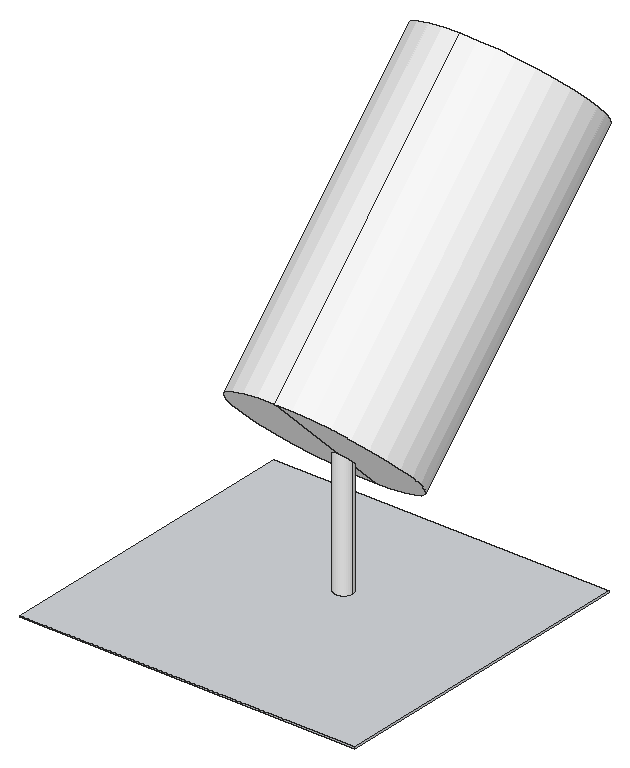
Revit family
Parameters
  Width = 14 1/4"
  Wattage Comments = ""
  Track Voltage = "Load Type Catalog"
  Security/Worklite = "Load Type Catalog"
  Revision Date = ""
  Reflector Detail = "Load Type Catalog"
  Product Documentation Link = "http://www.lightingservicesinc.com/files/pdf/207usa.pdf"
  Photometric Web File = "Load Type Catalog"
  Lumens/CRI/Wattage = "Load Type Catalog"
  Length = 14 1/4"
  Lamp = "LED"
  IES File Link = "http://www.lightingservicesinc.com/files/photometrics/LumeLEX%202000%20Series.zip"
  Height = 11 1/8"
  Finish = "Load Type Catalog"
  Color = Metal - LSI - Aluminum (Silver)
  Coiled Cord = "Load Type Catalog"
  Angle [instance] = 45.00°
  Wattage = 26 W
  built-in parameter 1150110 = 1 (stored number, unit not read)
  URL = "http://www.lightingservicesinc.com/"
  built-in parameter 1114217 = 1 (stored number, unit not read)
  Tilt Angle = 90.00°
  built-in parameter 1150109 = 1 (stored number, unit not read)
  built-in parameter 1150134 = 3
  built-in parameter 1150113 = 1 (stored number, unit not read)
  Product Page URL = "http://www.lightingservicesinc.com/product.asp?productID=207"
  OmniClass Title = "Non Weather Rated Light Emitting Diode Lighting Fixtures"
  OmniClass Number = "23.35.47.11.11.19"
  Model = "Load Type Catalog"
  Manufacturer = "Lighting Services Inc"
  built-in parameter 1150105 = 1156.3 (stored number, unit not read)
  Lumens = 780 lm
  built-in parameter 1150115 = 1 (stored number, unit not read)
  built-in parameter 1150137 = (empty or 0)
  built-in parameter 1150139 = (empty or 0)
  built-in parameter 1150112 = 1 (stored number, unit not read)
  built-in parameter 1150114 = 1 (stored number, unit not read)
  Keynote = "26 51 00"
  built-in parameter 1150132 = (empty or 0)
  built-in parameter 1150102 = (empty or 0)
  built-in parameter 1150107 = 3200 (stored number, unit not read)
  built-in parameter 1150138 = (empty or 0)
  built-in parameter 1150106 = 11.563 (stored number, unit not read)
  Emit from Circle Diameter = 2 87/128"
  Emit Shape Visible in Rendering = no
  built-in parameter 1150104 = 2.7871 (stored number, unit not read)
  Dimming Lamp Color Temperature Shift = (empty or 0)
  Description = "Spot Light"
  Default Elevation = 2"
  Color Filter = 16777215
  built-in parameter 1114218 = 1 (stored number, unit not read)
  built-in parameter 1150133 = 10 (stored number, unit not read)
  Assembly Code = "D5020200"
  Apparent Load = 0 VA
Reference planes (in)
  plane 1 "Center (Front/Back)": y = 0
  plane 2: z = 0
  plane 3 "Center (Left/Right)": x = 0
  plane 4: z = 4
  plane 5 "Lamp": x = 0
  plane 6 "Tilt Angle": through (0, 0, 4) normal (0, -0.7071, 0.7071)
Forms (in)
  Extrusion 1, solid
    sketch origin (0, 0, 0) x (1, 0, 0) y (0, 1, 0)
      loop
        line (-4.16369, 3.10017) -> (-4.16369, -4.58444) -> (3.93103, -4.58444) -> (3.93103, 3.10017) -> (-4.16369, 3.10017)
    from 0 to -0.03652
  Extrusion 2, solid, material "Metal - LSI - Aluminum (Silver)" <- "Color"
    sketch origin (0, 0, 0) x (1, 0, 0) y (0, 1, 0)
      loop
        circle (0, 0) r 0.21875
    from 0 to 4.38747
  Revolve 3, solid, material "Metal - LSI - Aluminum (Silver)" <- "Color"
    sketch origin (0, 0, 0) x (0, 1, 0) y (0, 0, 1)
      loop
        line (-0.57023, 3.42977) -> (3.43159, 7.43159) -> (3.12387, 7.73932) -> (3.72926, 9.62488) -> (3.51804, 9.8361) -> (3.86806, 10.18612) -> (3.52286, 10.53132) -> (-2.07446, 4.934) -> (-0.57023, 3.42977)
      axis (-0.57023, 3.42977) -> (5.02709, 9.02709)
    angle from 0 to 360
Lines and regions (in)
  Masking region 1
    outline origin (0, 0, 0) x (1, 0, 0) y (0, 1, 0)
      loop
        line (-1.28125, 4.5) -> (-1.28125, -0.5) -> (1.28125, -0.5) -> (1.28125, 4.5) -> (-1.28125, 4.5)
  symbolic lines
    curve 1: circle (0, 0, 0) r 0.37955 normal (0, 0, 1)
  reference lines
    curve 2: circle (0, 0, 0) r 7.75 normal (0, 0, 1)
Dimensions and locks (in)
  imposter light to plane 5 "Lamp" = 0"
  plane 4 to Extrusion 1 = 4"
  locked: imposter light to plane 6 "Tilt Angle" at 7.10938
  locked: plane 1 "Center (Front/Back)" to Extrusion 2 sketch curve at 0.21875
  locked: Extrusion 2 sketch curve to plane 5 "Lamp" at 0.21875
  Revolve 3 sketch curve to Revolve 3 sketch curve to Revolve 3 sketch curve to Revolve 3 sketch curve = 5.65943" locked, 1.76137" locked, 0.495" locked
  Revolve 3 sketch curve to Revolve 3 sketch curve to Revolve 3 sketch curve to Revolve 3 sketch curve to Revolve 3 sketch curve = 0.48819" locked, 0.29871" locked, 0.90521" locked, 0.43519" locked
  "Angle": angle plane 4 to plane 6 "Tilt Angle"
  "Angle": angle imposter light to plane 4
  aligned and locked: plane 2 to Extrusion 1
  aligned and locked: level to Extrusion 1
  aligned and locked: imposter light to plane 6 "Tilt Angle"
  aligned and locked: Revolve 3 sketch curve to imposter light  (x2)
Automatic sketch dimensions
  Extrusion 1 sketch curve to Extrusion 1 sketch curve = 8.09472"
  Extrusion 1 sketch curve to Extrusion 1 sketch curve = 7.68461"
  Extrusion 2 sketch curve to plane 3 "Center (Left/Right)" = 0"
  plane 1 "Center (Front/Back)" to Masking region 1 sketch curve = 1/2"
  Masking region 1 sketch curve to plane 3 "Center (Left/Right)" = 1 9/32"
  plane 3 "Center (Left/Right)" to Masking region 1 sketch curve = 1 9/32"
  Masking region 1 sketch curve to Masking region 1 sketch curve = 5"
  curve 1 to plane 1 "Center (Front/Back)" = 0"
  curve 1 to plane 3 "Center (Left/Right)" = 0"
  Revolve 3 sketch curve to plane 6 "Tilt Angle" = 0"
  Revolve 3 sketch curve to level = 2.97291"
  Revolve 3 sketch curve to plane 1 "Center (Front/Back)" = 17.02709"
  curve 2 to plane 1 "Center (Front/Back)" = 0"
  curve 2 to plane 3 "Center (Left/Right)" = 0"
  radius of curve 1 = 0.37955"
  radius of curve 2 = 7 3/4"
